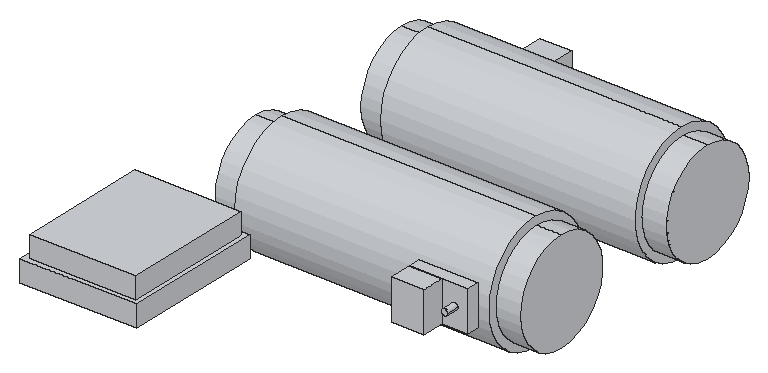
Revit family "SMART box 1  (supply-exhaust-controls)_2", category Příslušenství potrubí, Revit 2018
Family settings
  Kóta kulaté spojky = Použít průměr
  Typ dílu = Zalomí se do
  Číslo OmniClass = 23.75.00.00
  Nadpis OmniClass = Climate Control (HVAC)
  Založené na pracovní rovině = Ne
  Vždy vertikální = Ano
  Ořezat dutým tvarem při načtení = Ne
  Sdílené = Ne
Parameters (values of type "SMART Box 200 / 200")
  Width [instance] = 1.087 mm
  Weight [instance] = 12.00 kg
  URL = ""
  Type [instance] = "SMART Box 200 / 200"
  Total_SFP [instance] = 0
  Supply_outlet_hum [instance] = 0
  Supply_inlet_hum [instance] = 0
  Supply_ext_pressure [instance] = 0.0 Pa
  Supply_SFP [instance] = 0
  Source_adu_file [instance] = ""
  Recuperation_type [instance] = ""
  Recuperation_efficiency_EN308 [instance] = 0
  Project_name [instance] = ""
  Project_date [instance] = "23.8.2023"
  Power_supply_fusing [instance] = "0"
  Power_supply_cable [instance] = "0"
  Position [instance] = "SMART box 1  (supply-exhaust-controls)"
  Phases_count [instance] = 0
  Panel_thickness [instance] = 0.06 mm
  Outer_surface [instance] = "RAL 9002"
  Length [instance] = 0.647 mm
  Insulation_type [instance] = "PUR"
  Insulation_thickness [instance] = 0.05 mm
  Installation_environment [instance] = ""
  Input_power_max [instance] = 0 W
  Inner_surface [instance] = "Pozink"
  Height [instance] = 0.23 mm
  Exhaust_outlet_hum [instance] = 0
  Exhaust_inlet_hum [instance] = 40
  Exhaust_ext_pressure [instance] = 0.0 Pa
  Exhaust_SFP [instance] = 0
  E2 [instance] = 0.0 L/s
  I1 [instance] = 0.0 L/s
  Description = ""
  M1 [instance] = 0.0 L/s
  Device_dutypoint_version [instance] = "0"
  Device_design_version [instance] = "1"
  Device_adu_id [instance] = "2"
  Current_max [instance] = 0 A
  Casing_mat [instance] = "painted zinc layer"
  Cable type [instance] = ""
Reference planes
  plane 1 "Střed (vpředu/vzadu)": y = 0
  plane 2 "ref": z = 0
  plane 3 "Střed (vlevo/vpravo)": x = 0
Forms (mm)
  Sweep 1, solid
    path origin (97, 908, 115) x (0, 0, -1) y (1, 0, 0)
      loop
        line (0, 0) -> (0, 500)
    profile origin (97, 908, 115) x (0, 0, 1) y (0, -1, 0)
      loop
        circle (0, 0) r 115
  Sweep 2, solid
    path origin (97, 908, 115) x (0, 0, -1) y (1, 0, 0)
      loop
        line (0, 0) -> (0, -50)
    profile origin (97, 908, 115) x (0, 0, -1) y (0, -1, 0)
      loop
        circle (0, 0) r 100
  Sweep 3, solid
    path origin (597, 908, 115) x (0, 0, -1) y (1, 0, 0)
      loop
        line (0, 0) -> (0, 50)
    profile origin (597, 908, 115) x (0, 0, 1) y (0, -1, 0)
      loop
        circle (0, 0) r 100
  Sweep 4, solid
    path origin (0, 0, 75) x (0, 0, 1) y (1, 0, 0)
      loop
        line (0, 0) -> (80, 0)
    profile origin (0, 0, 75) x (1, 0, 0) y (0, 1, 0)
      loop
        line (119, 1023) -> (234, 1023) -> (234, 1047) -> (119, 1047) -> (119, 1023)
  Sweep 5, solid
    path origin (0, 0, 75) x (0, 0, 1) y (1, 0, 0)
      loop
        line (0, 0) -> (80, 0)
    profile origin (0, 0, 75) x (1, 0, 0) y (0, 1, 0)
      loop
        line (171, 1047) -> (234, 1047) -> (234, 1091) -> (171, 1091) -> (171, 1047)
  Sweep 6, solid
    path origin (145, 1047, 115) x (0, 1, 0) y (-1, 0, 0)
      loop
        line (0, 0) -> (24, 0)
    profile origin (145, 1047, 115) x (-1, 0, 0) y (0, 0, 1)
      loop
        circle (0, 0) r 6
  Sweep 7, solid
    path origin (97, 550, 115) x (0, 0, -1) y (1, 0, 0)
      loop
        line (0, 0) -> (0, 500)
    profile origin (97, 550, 115) x (0, 0, 1) y (0, -1, 0)
      loop
        circle (0, 0) r 115
  Sweep 8, solid
    path origin (97, 550, 115) x (0, 0, -1) y (1, 0, 0)
      loop
        line (0, 0) -> (0, -50)
    profile origin (97, 550, 115) x (0, 0, -1) y (0, -1, 0)
      loop
        circle (0, 0) r 100
  Sweep 9, solid
    path origin (597, 550, 115) x (0, 0, -1) y (1, 0, 0)
      loop
        line (0, 0) -> (0, 50)
    profile origin (597, 550, 115) x (0, 0, 1) y (0, -1, 0)
      loop
        circle (0, 0) r 100
  Sweep 10, solid
    path origin (0, 0, 75) x (0, 0, 1) y (1, 0, 0)
      loop
        line (0, 0) -> (80, 0)
    profile origin (0, 0, 75) x (1, 0, 0) y (0, 1, 0)
      loop
        line (459, 435) -> (459, 411) -> (574, 411) -> (574, 435) -> (459, 435)
  Sweep 11, solid
    path origin (0, 0, 75) x (0, 0, 1) y (1, 0, 0)
      loop
        line (0, 0) -> (80, 0)
    profile origin (0, 0, 75) x (1, 0, 0) y (0, 1, 0)
      loop
        line (459, 411) -> (459, 367) -> (522, 367) -> (522, 411) -> (459, 411)
  Sweep 12, solid
    path origin (548, 411, 115) x (0, 1, 0) y (-1, 0, 0)
      loop
        line (0, 0) -> (-24, 0)
    profile origin (548, 411, 115) x (1, 0, 0) y (0, 0, 1)
      loop
        circle (0, 0) r 6
  Sweep 13, solid
    path origin (0, 0, 173) x (0, 0, 1) y (1, 0, 0)
      loop
        line (0, 0) -> (42, 0)
    profile origin (0, 0, 173) x (1, 0, 0) y (0, 1, 0)
      loop
        line (10, 40) -> (218, 40) -> (218, 298) -> (10, 298) -> (10, 40)
  Sweep 14, solid
    path origin (0, 0, 132) x (0, 0, 1) y (1, 0, 0)
      loop
        line (0, 0) -> (42, 0)
    profile origin (0, 0, 132) x (1, 0, 0) y (0, 1, 0)
      loop
        line (0, 30) -> (228, 30) -> (228, 308) -> (0, 308) -> (0, 30)
Lines and regions (mm)
  model lines
    curve 1: line (97, 0, 230) -> (97, 435, 230)
    curve 2: line (97, 435, 230) -> (132, 435, 230)
    curve 3: line (132, 435, 230) -> (132, 0, 230)
    curve 4: line (132, 0, 230) -> (97, 0, 230)
    curve 5: line (97, 0, 215) -> (97, 435, 215)
    curve 6: line (97, 435, 215) -> (132, 435, 215)
    curve 7: line (132, 435, 215) -> (132, 0, 215)
    curve 8: line (132, 0, 215) -> (97, 0, 215)
    curve 9: line (97, 0, 215) -> (97, 0, 230)
    curve 10: line (97, 0, 230) -> (97, 435, 230)
    curve 11: line (97, 435, 230) -> (97, 435, 215)
    curve 12: line (97, 435, 215) -> (97, 0, 215)
    curve 13: line (132, 0, 215) -> (132, 0, 230)
    curve 14: line (132, 0, 230) -> (132, 435, 230)
    curve 15: line (132, 435, 230) -> (132, 435, 215)
    curve 16: line (132, 435, 215) -> (132, 0, 215)
    curve 17: line (97, 435, 230) -> (97, 793, 230)
    curve 18: line (97, 793, 230) -> (132, 793, 230)
    curve 19: line (132, 793, 230) -> (132, 435, 230)
    curve 20: line (132, 435, 230) -> (97, 435, 230)
    curve 21: line (97, 435, 215) -> (97, 793, 215)
    curve 22: line (97, 793, 215) -> (132, 793, 215)
    curve 23: line (132, 793, 215) -> (132, 435, 215)
    curve 24: line (132, 435, 215) -> (97, 435, 215)
    curve 25: line (97, 435, 215) -> (97, 435, 230)
    curve 26: line (97, 435, 230) -> (97, 793, 230)
    curve 27: line (97, 793, 230) -> (97, 793, 215)
    curve 28: line (97, 793, 215) -> (97, 435, 215)
    curve 29: line (132, 435, 215) -> (132, 435, 230)
    curve 30: line (132, 435, 230) -> (132, 793, 230)
    curve 31: line (132, 793, 230) -> (132, 793, 215)
    curve 32: line (132, 793, 215) -> (132, 435, 215)
    curve 33: line (97, 793, 230) -> (97, 1087, 230)
    curve 34: line (97, 1087, 230) -> (132, 1087, 230)
    curve 35: line (132, 1087, 230) -> (132, 793, 230)
    curve 36: line (132, 793, 230) -> (97, 793, 230)
    curve 37: line (97, 793, 215) -> (97, 1087, 215)
    curve 38: line (97, 1087, 215) -> (132, 1087, 215)
    curve 39: line (132, 1087, 215) -> (132, 793, 215)
    curve 40: line (132, 793, 215) -> (97, 793, 215)
    curve 41: line (97, 793, 215) -> (97, 793, 230)
    curve 42: line (97, 793, 230) -> (97, 1087, 230)
    curve 43: line (97, 1087, 230) -> (97, 1087, 215)
    curve 44: line (97, 1087, 215) -> (97, 793, 215)
    curve 45: line (132, 793, 215) -> (132, 793, 230)
    curve 46: line (132, 793, 230) -> (132, 1087, 230)
    curve 47: line (132, 1087, 230) -> (132, 1087, 215)
    curve 48: line (132, 1087, 215) -> (132, 793, 215)
    curve 49: line (97, 543, 215) -> (97, 543, 230)
    curve 50: line (97, 543, 230) -> (132, 543, 230)
    curve 51: line (132, 543, 230) -> (132, 543, 215)
    curve 52: line (132, 543, 215) -> (97, 543, 215)
    curve 53: line (97, 1087, 215) -> (97, 1087, 230)
    curve 54: line (97, 1087, 230) -> (132, 1087, 230)
    curve 55: line (132, 1087, 230) -> (132, 1087, 215)
    curve 56: line (132, 1087, 215) -> (97, 1087, 215)
    curve 57: line (97, 0, 215) -> (97, 0, 230)
    curve 58: line (97, 0, 230) -> (132, 0, 230)
    curve 59: line (132, 0, 230) -> (132, 0, 215)
    curve 60: line (132, 0, 215) -> (97, 0, 215)
    curve 61: line (561, 371, 230) -> (561, 435, 230)
    curve 62: line (561, 435, 230) -> (597, 435, 230)
    curve 63: line (597, 435, 230) -> (597, 371, 230)
    curve 64: line (597, 371, 230) -> (561, 371, 230)
    curve 65: line (561, 371, 215) -> (561, 435, 215)
    curve 66: line (561, 435, 215) -> (597, 435, 215)
    curve 67: line (597, 435, 215) -> (597, 371, 215)
    curve 68: line (597, 371, 215) -> (561, 371, 215)
    curve 69: line (561, 371, 215) -> (561, 371, 230)
    curve 70: line (561, 371, 230) -> (561, 435, 230)
    curve 71: line (561, 435, 230) -> (561, 435, 215)
    curve 72: line (561, 435, 215) -> (561, 371, 215)
    curve 73: line (597, 371, 215) -> (597, 371, 230)
    curve 74: line (597, 371, 230) -> (597, 435, 230)
    curve 75: line (597, 435, 230) -> (597, 435, 215)
    curve 76: line (597, 435, 215) -> (597, 371, 215)
    curve 77: line (561, 435, 230) -> (561, 793, 230)
    curve 78: line (561, 793, 230) -> (597, 793, 230)
    curve 79: line (597, 793, 230) -> (597, 435, 230)
    curve 80: line (597, 435, 230) -> (561, 435, 230)
    curve 81: line (561, 435, 215) -> (561, 793, 215)
    curve 82: line (561, 793, 215) -> (597, 793, 215)
    curve 83: line (597, 793, 215) -> (597, 435, 215)
    curve 84: line (597, 435, 215) -> (561, 435, 215)
    curve 85: line (561, 435, 215) -> (561, 435, 230)
    curve 86: line (561, 435, 230) -> (561, 793, 230)
    curve 87: line (561, 793, 230) -> (561, 793, 215)
    curve 88: line (561, 793, 215) -> (561, 435, 215)
    curve 89: line (597, 435, 215) -> (597, 435, 230)
    curve 90: line (597, 435, 230) -> (597, 793, 230)
    curve 91: line (597, 793, 230) -> (597, 793, 215)
    curve 92: line (597, 793, 215) -> (597, 435, 215)
    curve 93: line (561, 793, 230) -> (561, 1087, 230)
    curve 94: line (561, 1087, 230) -> (597, 1087, 230)
    curve 95: line (597, 1087, 230) -> (597, 793, 230)
    curve 96: line (597, 793, 230) -> (561, 793, 230)
    curve 97: line (561, 793, 215) -> (561, 1087, 215)
    curve 98: line (561, 1087, 215) -> (597, 1087, 215)
    curve 99: line (597, 1087, 215) -> (597, 793, 215)
    curve 100: line (597, 793, 215) -> (561, 793, 215)
    curve 101: line (561, 793, 215) -> (561, 793, 230)
    curve 102: line (561, 793, 230) -> (561, 1087, 230)
    curve 103: line (561, 1087, 230) -> (561, 1087, 215)
    curve 104: line (561, 1087, 215) -> (561, 793, 215)
    curve 105: line (597, 793, 215) -> (597, 793, 230)
    curve 106: line (597, 793, 230) -> (597, 1087, 230)
    curve 107: line (597, 1087, 230) -> (597, 1087, 215)
    curve 108: line (597, 1087, 215) -> (597, 793, 215)
    curve 109: line (597, 729, 215) -> (597, 729, 230)
    curve 110: line (597, 729, 230) -> (561, 729, 230)
    curve 111: line (561, 729, 230) -> (561, 729, 215)
    curve 112: line (561, 729, 215) -> (597, 729, 215)
    curve 113: line (597, 1087, 215) -> (597, 1087, 230)
    curve 114: line (597, 1087, 230) -> (561, 1087, 230)
    curve 115: line (561, 1087, 230) -> (561, 1087, 215)
    curve 116: line (561, 1087, 215) -> (597, 1087, 215)
    curve 117: line (597, 371, 215) -> (597, 371, 230)
    curve 118: line (597, 371, 230) -> (561, 371, 230)
    curve 119: line (561, 371, 230) -> (561, 371, 215)
    curve 120: line (561, 371, 215) -> (597, 371, 215)
    curve 121: line (540, 926, 230) -> (540, 890, 230)
    curve 122: line (540, 890, 230) -> (440, 890, 230)
    curve 123: line (440, 890, 230) -> (440, 862, 230)
    curve 124: line (440, 862, 230) -> (385, 908, 230)
    curve 125: line (385, 908, 230) -> (440, 954, 230)
    curve 126: line (440, 954, 230) -> (440, 926, 230)
    curve 127: line (440, 926, 230) -> (540, 926, 230)
    curve 128: line (153, 532, 230) -> (153, 568, 230)
    curve 129: line (153, 568, 230) -> (254, 568, 230)
    curve 130: line (254, 568, 230) -> (254, 596, 230)
    curve 131: line (254, 596, 230) -> (308, 550, 230)
    curve 132: line (308, 550, 230) -> (254, 504, 230)
    curve 133: line (254, 504, 230) -> (254, 532, 230)
    curve 134: line (254, 532, 230) -> (153, 532, 230)
    curve 135: line (46, 252, 215) -> (23, 152, 215)
    curve 136: line (23, 152, 215) -> (68, 186, 215)
    curve 137: line (68, 186, 215) -> (46, 86, 215)
    curve 138: line (48, 129, 215) -> (46, 86, 215)
    curve 139: line (46, 86, 215) -> (64, 126, 215)
    curve 140: line (218, 194, 173) -> (218, 164, 196)
    curve 141: line (218, 164, 196) -> (218, 174, 151)
    curve 142: line (218, 174, 151) -> (218, 144, 173)
    curve 143: line (218, 157, 171) -> (218, 144, 173)
    curve 144: line (218, 144, 173) -> (218, 156, 155)
    curve 145: line (10, 194, 173) -> (10, 164, 151)
    curve 146: line (10, 164, 151) -> (10, 174, 196)
    curve 147: line (10, 174, 196) -> (10, 144, 173)
    curve 148: line (10, 157, 176) -> (10, 144, 173)
    curve 149: line (10, 144, 173) -> (10, 156, 192)
    curve 150: circle (114, 1071, 215) r 4 normal (0, 0, 1)
    curve 151: circle (114, 15, 215) r 4 normal (0, 0, 1)
    curve 152: circle (114, 1071, 230) r 4 normal (0, 0, 1)
    curve 153: circle (114, 15, 230) r 4 normal (0, 0, 1)
    curve 154: circle (579, 1071, 215) r 4 normal (0, 0, 1)
    curve 155: circle (579, 387, 215) r 4 normal (0, 0, 1)
    curve 156: circle (579, 1071, 230) r 4 normal (0, 0, 1)
    curve 157: circle (579, 387, 230) r 4 normal (0, 0, 1)
    curve 158: circle (97, 908, 115) r 115 normal (1, 0, 0)
    curve 159: circle (597, 908, 115) r 115 normal (1, 0, 0)
    curve 160: circle (597, 908, 115) r 100 normal (1, 0, 0)
    curve 161: circle (97, 908, 115) r 100 normal (1, 0, 0)
    curve 162: circle (97, 550, 115) r 115 normal (1, 0, 0)
    curve 163: circle (597, 550, 115) r 115 normal (1, 0, 0)
    curve 164: circle (597, 550, 115) r 100 normal (1, 0, 0)
    curve 165: circle (97, 550, 115) r 100 normal (1, 0, 0)
Dimensions and locks
  aligned and locked: level to plane 2 "ref"
Connectors
  hvac at (47, 908, 115), driven by "E2"
    settings: on Sweep 2, index 1, duct flow 0.0 L/s, flow factor 1, pres drop 0.0 Pa, loss coef 0, conn angle 0.00°, conn width 304.8 mm, conn height 304.8 mm, conn diameter 200 mm, duct sys type 1, conn prof type 0, flow config 2, flow direction 2, loss method 0, conn ref index -1, conn util no, is conn primary yes, conn desc ""
  hvac at (647, 908, 115), driven by "E2"
    settings: on Sweep 3, index 2, duct flow 0.0 L/s, flow factor 0, pres drop 0.0 Pa, loss coef 0, conn angle 0.00°, conn width 304.8 mm, conn height 304.8 mm, conn diameter 200 mm, duct sys type 1, conn prof type 0, flow config 1, flow direction 1, loss method 0, conn ref index -1, conn util no, is conn primary no, conn desc ""
  hvac at (47, 550, 115), driven by "I1"
    settings: on Sweep 8, index 3, duct flow 0.0 L/s, flow factor 1, pres drop 0.0 Pa, loss coef 0, conn angle 0.00°, conn width 304.8 mm, conn height 304.8 mm, conn diameter 200 mm, duct sys type 3, conn prof type 0, flow config 2, flow direction 1, loss method 0, conn ref index -1, conn util no, is conn primary no, conn desc ""
  hvac at (647, 550, 115), driven by "I1"
    settings: on Sweep 9, index 4, duct flow 0.0 L/s, flow factor 0, pres drop 0.0 Pa, loss coef 0, conn angle 0.00°, conn width 304.8 mm, conn height 304.8 mm, conn diameter 200 mm, duct sys type 3, conn prof type 0, flow config 1, flow direction 2, loss method 0, conn ref index -1, conn util no, is conn primary no, conn desc ""
